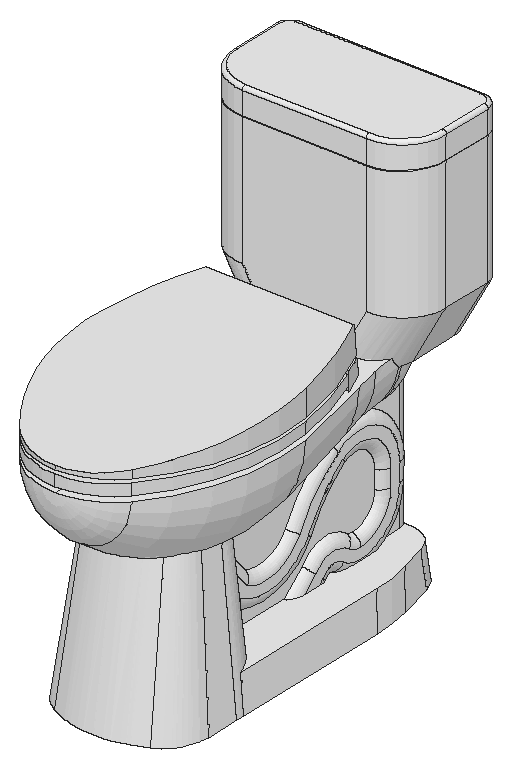
Revit family "Toilet_TOTO_CST244EF", category Plumbing Fixtures, host Face, Revit 2012
Parameters (values of type "#01 Cotton")
  Width = 1' - 2 3/8"  # constant formula
  WaterSense = yes
  Waste Connection Offset from Wall = 1' - 0"  # constant formula
  Waste Connection NPT Radius [instance] = 0' - 1 3/16"
  Waste Connection = yes
  Warranty Document = "http://www.totousa.com/Support/WarrantyInformation.aspx"
  Warranty = "One Year Limited"
  WFU = 0
  Vent Connection = yes
  URL = "http://www.totousa.com"
  Supply Connection Offset from Center = 0' - 6"  # constant formula
  Supply Connection Height Offset = 0' - 8"
  Style = "Elongated Front"
  Spec Sheet URL = "http://assets.totousa.com/product-files/SS-00927_CST244EF.pdf"
  Shipping Weight = 77.00 lbf
  Series = "Entrada"
  Rough in Distance = 1' - 0"
  Product Page URL = "http://www.totousa.com/entrada%E2%84%A2-close-coupled-elongated-toilet-128gpf"
  Parts Manual URL = "http://assets.totousa.com/product-files/PD-00757_CST244EF.pdf"
  Mount Type = "Floor-Mounted"
  Model = "CST244EF"
  Manufacturer Phone - Toll Free = "1-888-295-8134"
  Manufacturer Phone = "(770) 282-8686"
  Manufacturer Fax = "(770) 282-0002"
  Manufacturer Email = "mailto:custservice@totousa.com "
  Manufacturer Address = "1155 Southern Road, Morrow, Georgia 30260"
  Manufacturer = "TOTO USA, Inc."
  Show Lid [instance] = yes
  Lid Material = Plastic - Cotton
  Length = 2' - 4 5/8"  # constant formula
  Keynote = "22 42 13"
  Installation URL = "http://assets.totousa.com/product-files/0GU048Z_TOILET_IM.pdf"
  Industry Standards = "Meets and exceeds ASME A112.19.2/CSA B45.1"
  Height = 2' - 6"  # constant formula
  Handle Material = Polished Chrome
  HWFU = 0
  HW Connection = no
  Gallons Per Flush = 1.3 gal
  Flush System = "E-Max"
  Fixture Material = Vitreous China - TOTO - 01 Cotton
  Description = "Close Coupled Toilet"
  Default Elevation = 0' - 0"
  Cost Info = "mailto:custservice@totousa.com "
  Cold Water Connection NPT Radius = 0' - 0 1/4"
  Code Compliance = "UPC, IPC, NSPC, NPC Canada, and others"
  Certifications = "IAPMO (cUPC)"
  CWFU = 0
  CW Connection = yes
  CAD Drawing URL = "http://assets.totousa.com/product-files/AD-00482_CST244EF.dxf"
  Assembly Code = "D2010110"
  ADA Compliant = yes
Types (3): name | Lid Material | Fixture Material
  (no name) | Plastic - Cotton | Vitreous China - TOTO - 01 Cotton
  #01 Cotton | Plastic - Cotton | Vitreous China - TOTO - 01 Cotton
  #12 Sedona Beige | Plastic - Beige | Vitreous China - TOTO - 12 Sedona Beige
Reference planes (in)
  plane 1 "Center (Front/Back)": y = -0.33612
  plane 2: z = 0
  plane 3 "Center (Left/Right)": x = 0
  plane 4 "Wall Closure": y = 14.72638
  plane 5: y = 13.97638
  plane 6: y = -14.64862
  plane 7: x = -6.98819
  plane 8: x = 6.98819
  plane 9: z = 8
  plane 10: z = 16.125
  plane 11: x = -7.1875
  plane 12: x = 7.1875
  plane 13: z = 30
  plane 14: x = -6
  plane 15: y = 2.72638
  plane 16: z = 28.21963
  plane 17: y = 9.82283
  plane 18: z = 27.04724
  plane 19: y = 4.76544
Forms (in)
  Blend 1, solid, material "Vitreous China - TOTO - 01 Cotton" <- "Fixture Material"
    base sketch origin (0, 0, 0.625) x (1, 0, 0) y (0, 1, 0)
      loop
        line (-4.92076, -5.38911) -> (-4.92076, -7.78824)
        arc (-4.92076, -7.78824) -> (-4.46814, -9.41466) -> (-3.24041, -10.57345) r 3.14844
        arc (-3.24041, -10.57345) -> (0, -11.37518) -> (3.24041, -10.57345) r 6.94933
        arc (3.24041, -10.57345) -> (4.46814, -9.41466) -> (4.92076, -7.78824) r 3.14844
        line (4.92076, -7.78824) -> (4.92076, -5.38911)
        arc (4.92076, -5.38911) -> (4.46814, -3.76269) -> (3.24041, -2.6039) r 3.14844
        arc (3.24041, -2.6039) -> (0, -1.80217) -> (-3.24041, -2.6039) r 6.94933
        arc (-3.24041, -2.6039) -> (-4.46814, -3.76269) -> (-4.92076, -5.38911) r 3.14844
    top sketch origin (0, 0, 0.625) x (1, 0, 0) y (0, 1, 0)
      loop
        arc (2.47224, -3.32285) -> (0, -2.78642) -> (-2.47224, -3.32285) r 5.96507
        arc (-2.47224, -3.32285) -> (-3.3958, -4.12183) -> (-3.74016, -5.29348) r 2.16535
        line (-3.74016, -5.29348) -> (-3.74016, -6.92073)
        arc (-3.74016, -6.92073) -> (-3.46425, -7.97845) -> (-2.70682, -8.76661) r 2.16535
        arc (-2.70682, -8.76661) -> (0, -9.53051) -> (2.70682, -8.76661) r 5.17767
        arc (2.70682, -8.76661) -> (3.46425, -7.97845) -> (3.74016, -6.92073) r 2.16535
        line (3.74016, -6.92073) -> (3.74016, -5.29348)
        arc (3.74016, -5.29348) -> (3.3958, -4.12183) -> (2.47224, -3.32285) r 2.16535
    from -0.625 to 10.55463
  Blend 2, solid, material "Vitreous China - TOTO - 01 Cotton" <- "Fixture Material"
    base sketch origin (0, 0, 0) x (1, 0, 0) y (0, 1, 0)
      loop
        line (-4.90806, -4.76411) -> (4.90806, -4.76411) -> (4.90806, 6.52498)
        arc (4.90806, 6.52498) -> (4.82425, 7.92969) -> (4.57398, 9.31446) r 11.8125
        line (4.57398, 9.31446) -> (3.96105, 11.83661)
        arc (3.96105, 11.83661) -> (3.26694, 12.98922) -> (2.03922, 13.53967) r 2.25
        arc (2.03922, 13.53967) -> (0, 13.65997) -> (-2.03922, 13.53967) r 17.34414
        arc (-2.03922, 13.53967) -> (-3.26694, 12.98922) -> (-3.96105, 11.83661) r 2.25
        line (-3.96105, 11.83661) -> (-4.57398, 9.31446)
        arc (-4.57398, 9.31446) -> (-4.82425, 7.92969) -> (-4.90806, 6.52498) r 11.8125
        line (-4.90806, 6.52498) -> (-4.90806, -4.76411)
    top sketch origin (0, 0, 0) x (1, 0, 0) y (0, 1, 0)
      loop
        line (-4.61876, -4.76411) -> (4.65001, -4.76411) -> (4.65001, 6.79857)
        arc (4.65001, 6.79857) -> (4.56675, 8.19399) -> (4.31813, 9.5696) r 11.73438
        line (4.31813, 9.5696) -> (3.8415, 11.53091)
        arc (3.8415, 11.53091) -> (3.14116, 12.68903) -> (1.90314, 13.23587) r 2.25
        arc (1.90314, 13.23587) -> (0, 13.34107) -> (-1.90314, 13.23587) r 17.26601
        arc (-1.90314, 13.23587) -> (-3.14116, 12.68903) -> (-3.8415, 11.53091) r 2.25
        line (-3.8415, 11.53091) -> (-4.28688, 9.69819)
        arc (-4.28688, 9.69819) -> (-4.5355, 8.32258) -> (-4.61876, 6.92716) r 11.73438
        line (-4.61876, 6.92716) -> (-4.61876, -4.76411)
    from 0 to 2.5
  Extrusion 3, solid, material "Vitreous China - TOTO - 01 Cotton" <- "Fixture Material"
    sketch origin (0, 0, 2.5) x (1, 0, 0) y (0, 1, 0)
      loop
        line (-1.49606, 12.68209) -> (-1.49606, -3.08469)
        arc (-1.49606, -3.08469) -> (-0.00017, -3.00722) -> (1.49606, -3.07786) r 15.1501
        line (1.49606, -3.07786) -> (1.49606, 12.68209)
        arc (1.49606, 12.68209) -> (1.33427, 13.08818) -> (0.93755, 13.27177) r 0.59055
        arc (0.93755, 13.27177) -> (0, 13.29722) -> (-0.93755, 13.27177) r 17.28075
        arc (-0.93755, 13.27177) -> (-1.33427, 13.08818) -> (-1.49606, 12.68209) r 0.59055
    from 0 to 12.80748
  Revolve 4, solid, material "Vitreous China - TOTO - 01 Cotton" <- "Fixture Material"
    sketch origin (-60, -180, 16.125) x (-1, 0, 0) y (0, -1, 0)
      loop
        line (-60, -165.35138) -> (-60, -167.52341)
        arc (-60, -167.52341) -> (-58.91456, -167.82452) -> (-58.01327, -168.50019) r 3.04006
        arc (-58.01327, -168.50019) -> (-55.71723, -172.1962) -> (-54.91561, -176.47284) r 11.80872
        line (-54.91561, -176.47284) -> (-54.91561, -177.53534)
        arc (-54.91561, -177.53534) -> (-56.39747, -181.17447) -> (-60, -182.74323) r 5.20939
        line (-60, -182.74323) -> (-60, -191.97638)
        arc (-60, -191.97638) -> (-58.93006, -191.94211) -> (-57.8645, -191.83944) r 16.71914
        arc (-57.8645, -191.83944) -> (-55.90173, -190.79565) -> (-55.11719, -188.71563) r 3.14961
        line (-55.11719, -188.71563) -> (-55.11719, -188.39648)
        arc (-55.11719, -188.39648) -> (-55.05941, -187.22037) -> (-54.88665, -186.05558) r 12
        arc (-54.88665, -186.05558) -> (-54.67529, -185.07551) -> (-54.43254, -184.10273) r 31.19442
        arc (-54.43254, -184.10273) -> (-53.7142, -181.0747) -> (-53.16459, -178.01153) r 56.19507
        arc (-53.16459, -178.01153) -> (-53.52432, -172.23044) -> (-56.23047, -167.10919) r 13.76465
        arc (-56.23047, -167.10919) -> (-57.92038, -165.81243) -> (-60, -165.35138) r 4.92068
      axis (-60, -191.97638) -> (-60, -165.35138)
    angle from 0 to 180
  Extrusion 5, void
    sketch origin (0, 0, -1.8125) x (0, 1, 0) y (0, 0, 1)
      loop
        line (4.06536, 12.99213) -> (-2.55906, 12.99213) -> (-2.55906, 11.21712) -> (4.06536, 12.99213)
    from -2.16882 to 2.16882
  Sweep 6, solid, material "Vitreous China - TOTO - 01 Cotton" <- "Fixture Material"
    path origin (0, 0, 0.3937) x (0, 1, 0) y (0, 0, 1)
      loop
        line (3.08738, 0.9478) -> (5.10515, 2.70614)
        arc (5.10515, 2.70614) -> (6.226, 3.35427) -> (7.47686, 3.02) r 1.69168
        arc (7.47686, 3.02) -> (8.00686, 2.73205) -> (8.59969, 2.62083) r 1.93954
        arc (8.59969, 2.62083) -> (10.64843, 3.41133) -> (11.51857, 5.42753) r 2.83589
        arc (11.51857, 5.42753) -> (11.52269, 6.04133) -> (11.52296, 6.65515) r 97.70777
        arc (11.52296, 6.65515) -> (9.99883, 9.20363) -> (7.03183, 9.08262) r 2.90585
        arc (7.03183, 9.08262) -> (5.29467, 7.59724) -> (3.99917, 5.71422) r 8.79034
        arc (3.99917, 5.71422) -> (1.61002, 4.01642) -> (-1.29065, 4.43675) r 3.9424
        line (-1.29065, 4.43675) -> (-3.59008, 7.07543)
    profile origin (0, 10.64843, 3.80503) x (0, -0.69312, 0.720822) y (1, 0, 0)
      loop
        arc (-0.47244, 2.04921) -> (-1.02922, 1.81859) -> (-1.25984, 1.26181) r 0.7874
        line (-1.25984, 1.26181) -> (-1.25984, -1.26181)
        arc (-1.25984, -1.26181) -> (-1.02922, -1.81859) -> (-0.47244, -2.04921) r 0.7874
        line (-0.47244, -2.04921) -> (0.27559, -2.04921)
        arc (0.27559, -2.04921) -> (0.83237, -1.81859) -> (1.06299, -1.26181) r 0.7874
        line (1.06299, -1.26181) -> (1.06299, 1.26181)
        arc (1.06299, 1.26181) -> (0.83237, 1.81859) -> (0.27559, 2.04921) r 0.7874
        line (0.27559, 2.04921) -> (-0.47244, 2.04921)
  Blend 7, solid, material "Vitreous China - TOTO - 01 Cotton" <- "Fixture Material"
    base sketch origin (0, 57.30612, 16.53125) x (0, 1, 0) y (-1, 0, 0)
      loop
        line (-43.32974, -4.00009) -> (-43.32974, 4)
        arc (-43.32974, 4) -> (-43.62264, 4.70711) -> (-44.32974, 5) r 1
        line (-44.32974, 5) -> (-47.82974, 5)
        arc (-47.82974, 5) -> (-49.95107, 4.12132) -> (-50.82974, 2) r 3
        line (-50.82974, 2) -> (-50.82974, -2.00009)
        arc (-50.82974, -2.00009) -> (-49.95107, -4.12141) -> (-47.82974, -5.00009) r 3
        line (-47.82974, -5.00009) -> (-44.32974, -5.00009)
        arc (-44.32974, -5.00009) -> (-43.62264, -4.70719) -> (-43.32974, -4.00009) r 1
    top sketch origin (0, 57.30612, 16.53125) x (0, 1, 0) y (-1, 0, 0)
      loop
        line (-47.82974, -7.1875) -> (-44.32974, -7.1875)
        arc (-44.32974, -7.1875) -> (-43.62264, -6.89461) -> (-43.32974, -6.1875) r 1
        line (-43.32974, -6.1875) -> (-43.32974, 6.1875)
        arc (-43.32974, 6.1875) -> (-43.62264, 6.89461) -> (-44.32974, 7.1875) r 1
        line (-44.32974, 7.1875) -> (-47.82974, 7.1875)
        arc (-47.82974, 7.1875) -> (-49.95107, 6.30882) -> (-50.82974, 4.1875) r 3
        line (-50.82974, 4.1875) -> (-50.82974, -4.1875)
        arc (-50.82974, -4.1875) -> (-49.95107, -6.30882) -> (-47.82974, -7.1875) r 3
    from -1.22377 to 2.71875
  Extrusion 8, solid, material "Plastic - Cotton" <- "Lid Material", visible <- "Show Lid"
    sketch origin (0, 59.34845, 19.10296) x (0, 1, 0) y (-1, 0, 0)
      loop
        line (-52.98477, -4) -> (-52.98477, 4.25)
        arc (-52.98477, 4.25) -> (-57.06347, 5.85724) -> (-61.33691, 6.83541) r 29.18543
        arc (-61.33691, 6.83541) -> (-67.11801, 6.47568) -> (-72.23926, 3.76953) r 13.76465
        arc (-72.23926, 3.76953) -> (-73.53602, 2.07962) -> (-73.99707, 0) r 4.92068
        arc (-73.99707, 0) -> (-73.53602, -2.07962) -> (-72.23926, -3.76953) r 4.92068
        arc (-72.23926, -3.76953) -> (-67.11801, -6.47568) -> (-61.33691, -6.83541) r 13.76465
        arc (-61.33691, -6.83541) -> (-57.03473, -5.78916) -> (-52.98477, -4) r 24.98644
    from -1.59185 to 1.14704
  Extrusion 9, solid, material "Plastic - Cotton" <- "Lid Material"
    sketch origin (0, 1.5, 0) x (1, 0, 0) y (0, 1, 0)
      loop
        line (-3.25, 2.86368) -> (-3.25, 3.36368) -> (-3.75, 3.36368) -> (-3.75, 1.89199) -> (-5.49017, 1.89199)
        arc (-5.49017, 1.89199) -> (-6.29088, -0.76621) -> (-6.83541, -3.48847) r 29.18543
        arc (-6.83541, -3.48847) -> (-6.47568, -9.26956) -> (-3.76953, -14.39081) r 13.76465
        arc (-3.76953, -14.39081) -> (-2.07962, -15.68757) -> (0, -16.14862) r 4.92068
        arc (0, -16.14862) -> (2.07962, -15.68757) -> (3.76953, -14.39081) r 4.92068
        arc (3.76953, -14.39081) -> (6.47568, -9.26956) -> (6.83541, -3.48847) r 13.76465
        arc (6.83541, -3.48847) -> (6.26573, -0.75799) -> (5.39526, 1.89199) r 24.98644
        line (5.39526, 1.89199) -> (3.75, 1.89199) -> (3.75, 3.36368) -> (3.25, 3.36368) -> (3.25, 2.86368) -> (-3.25, 2.86368)
      loop
        arc (-3.9375, -4.51132) -> (-3.50522, -7.8102) -> (-2.23756, -10.88632) r 12.80351
        arc (-2.23756, -10.88632) -> (0, -12.08531) -> (2.23756, -10.88632) r 2.68736
        arc (2.23756, -10.88632) -> (3.50522, -7.8102) -> (3.9375, -4.51132) r 12.80351
        spline (3.9375, -4.51132) -> (3.80333, -3.24958) -> (3.40998, -2.07382) -> (2.78423, -1.06417) -> (1.96875, -0.28945) -> (1.0191, 0.19757) -> (0, 0.36368) -> (-1.0191, 0.19757) -> (-1.96875, -0.28945) -> (-2.78423, -1.06417) -> (-3.40998, -2.07382) -> (-3.80333, -3.24958) -> (-3.9375, -4.51132)
    from 16.5 to 17.25
  Extrusion 10, solid, material "Plastic - Cotton" <- "Lid Material", visible <- "Show Lid"
    sketch origin (-60, -178.5, 16.125) x (-1, 0, 0) y (0, -1, 0)
      loop
        line (-56.25, -183.36368) -> (-56.75, -183.36368) -> (-56.75, -182.86368) -> (-63.25, -182.86368) -> (-63.25, -183.36368) -> (-63.75, -183.36368) -> (-63.75, -182.60482) -> (-65.32546, -182.06826)
        arc (-65.32546, -182.06826) -> (-64.94206, -182.97386) -> (-64.52331, -183.86368) r 24.98644
        line (-64.52331, -183.86368) -> (-55.28934, -183.86368)
        arc (-55.28934, -183.86368) -> (-54.90846, -182.95241) -> (-54.55863, -182.02878) r 29.18543
        line (-54.55863, -182.02878) -> (-56.25, -182.60482) -> (-56.25, -183.36368)
    from 0 to 1.18248
  Extrusion 11, void
    sketch origin (0, 1.59843, 0.85296) x (0, 1, 0) y (0, 0, 1)
      loop
        line (3.61893, 15.27204) -> (5.05807, 15.27204) -> (5.05807, 19.80437) -> (-16.24705, 19.80437) -> (-16.24705, 16.93718)
        arc (-16.24705, 16.93718) -> (-6.71679, 18.12326) -> (2.86429, 18.78331) r 174.52514
        line (2.86429, 18.78331) -> (3.61893, 15.27204)
    from -7.1875 to 7.1875
  Extrusion 12, solid, material "Polished Chrome", detail levels fine
    sketch origin (-60, 14.72638, 48) x (-1, 0, 0) y (0, 0, 1)
      loop
        circle (-54, -40) r 0.25
    from 0 to 0.625
  Extrusion 13, void
    sketch origin (0, 0, 0) x (1, 0, 0) y (0, 1, 0)
      loop
        circle (0, 2.72638) r 1.1875
    from 0 to 0.25
  Blend 14, solid, material "Vitreous China - TOTO - 01 Cotton" <- "Fixture Material"
    base sketch origin (-60, -180.07874, 28.30881) x (-1, 0, 0) y (0, -1, 0)
      loop
        line (-66.1875, -194.05512) -> (-53.8125, -194.05512)
        arc (-53.8125, -194.05512) -> (-53.10539, -193.76222) -> (-52.8125, -193.05512) r 1
        line (-52.8125, -193.05512) -> (-52.8125, -189.55512)
        arc (-52.8125, -189.55512) -> (-53.69118, -187.4338) -> (-55.8125, -186.55512) r 3
        line (-55.8125, -186.55512) -> (-64.1875, -186.55512)
        arc (-64.1875, -186.55512) -> (-66.30882, -187.4338) -> (-67.1875, -189.55512) r 3
        line (-67.1875, -189.55512) -> (-67.1875, -193.05512)
        arc (-67.1875, -193.05512) -> (-66.89461, -193.76222) -> (-66.1875, -194.05512) r 1
    top sketch origin (-60, -180.07874, 28.30881) x (-1, 0, 0) y (0, -1, 0)
      loop
        arc (-53.8125, -194.05512) -> (-53.10539, -193.76222) -> (-52.8125, -193.05512) r 1
        line (-52.8125, -193.05512) -> (-52.8125, -189.55512)
        arc (-52.8125, -189.55512) -> (-53.69118, -187.4338) -> (-55.8125, -186.55512) r 3
        line (-55.8125, -186.55512) -> (-64.1875, -186.55512)
        arc (-64.1875, -186.55512) -> (-66.30882, -187.4338) -> (-67.1875, -189.55512) r 3
        line (-67.1875, -189.55512) -> (-67.1875, -193.05512)
        arc (-67.1875, -193.05512) -> (-66.89461, -193.76222) -> (-66.1875, -194.05512) r 1
        line (-66.1875, -194.05512) -> (-53.8125, -194.05512)
    from 1.69119 to -0.08918
  Blend 15, solid, material "Vitreous China - TOTO - 01 Cotton" <- "Fixture Material"
    base sketch origin (-60, -180.07874, 26.79705) x (-1, 0, 0) y (0, -1, 0)
      loop
        line (-66.1875, -194.05512) -> (-53.8125, -194.05512)
        arc (-53.8125, -194.05512) -> (-53.10539, -193.76222) -> (-52.8125, -193.05512) r 1
        line (-52.8125, -193.05512) -> (-52.8125, -189.55512)
        arc (-52.8125, -189.55512) -> (-53.69118, -187.4338) -> (-55.8125, -186.55512) r 3
        line (-55.8125, -186.55512) -> (-64.1875, -186.55512)
        arc (-64.1875, -186.55512) -> (-66.30882, -187.4338) -> (-67.1875, -189.55512) r 3
        line (-67.1875, -189.55512) -> (-67.1875, -193.05512)
        arc (-67.1875, -193.05512) -> (-66.89461, -193.76222) -> (-66.1875, -194.05512) r 1
    top sketch origin (-60, -180.07874, 26.79705) x (-1, 0, 0) y (0, -1, 0)
      loop
        arc (-53.8125, -194.05512) -> (-53.10539, -193.76222) -> (-52.8125, -193.05512) r 1
        line (-52.8125, -193.05512) -> (-52.8125, -189.55512)
        arc (-52.8125, -189.55512) -> (-53.69118, -187.4338) -> (-55.8125, -186.55512) r 3
        line (-55.8125, -186.55512) -> (-64.1875, -186.55512)
        arc (-64.1875, -186.55512) -> (-66.30882, -187.4338) -> (-67.1875, -189.55512) r 3
        line (-67.1875, -189.55512) -> (-67.1875, -193.05512)
        arc (-67.1875, -193.05512) -> (-66.89461, -193.76222) -> (-66.1875, -194.05512) r 1
        line (-66.1875, -194.05512) -> (-53.8125, -194.05512)
    from 1.36008 to -7.54705
  Sweep 16, void
    path in 3D
      loop
        arc (6.1875, 13.97638, 30) -> (6.89461, 13.68348, 30) -> (7.1875, 12.97638, 30) r 1
        line (7.1875, 12.97638, 30) -> (7.1875, 9.47638, 30)
        arc (7.1875, 9.47638, 30) -> (6.30882, 7.35506, 30) -> (4.1875, 6.47638, 30) r 3
        line (4.1875, 6.47638, 30) -> (-4.1875, 6.47638, 30)
        arc (-4.1875, 6.47638, 30) -> (-6.30882, 7.35506, 30) -> (-7.1875, 9.47638, 30) r 3
        line (-7.1875, 9.47638, 30) -> (-7.1875, 12.97638, 30)
        arc (-7.1875, 12.97638, 30) -> (-6.89461, 13.68348, 30) -> (-6.1875, 13.97638, 30) r 1
        line (-6.1875, 13.97638, 30) -> (6.1875, 13.97638, 30)
    profile origin (0, 13.97638, 30) x (0, 1, 0) y (0, 0, 1)
      loop
        line (0, 0) -> (-0.25, 0)
        arc (-0.25, 0) -> (-0.07322, -0.07322) -> (0, -0.25) r 0.25
        line (0, -0.25) -> (0, 0)
  Extrusion 17, solid, material "Polished Chrome" <- "Handle Material"
    sketch origin (0, 0, 0) x (0, 1, 0) y (0, 0, 1)
      loop
        arc (11.17301, 26.54724) -> (11.59276, 27.31893) -> (10.71685, 27.25198) r 0.5
        arc (10.71685, 27.25198) -> (10.34381, 26.88718) -> (9.82837, 26.80623) r 0.85725
        arc (9.82837, 26.80623) -> (9.77247, 26.7723) -> (9.79628, 26.7114) r 0.05081
        arc (9.79628, 26.7114) -> (10.46884, 26.49677) -> (11.17301, 26.54724) r 1.86676
    from -7.84927 to -6.98819
Cuts and joins
  Extrusion 11 cuts Extrusion 8
  Extrusion 11 cuts Extrusion 10
  joined: Extrusion 8, Extrusion 10
  Extrusion 11 cuts Extrusion 9
  Extrusion 13 cuts Blend 2
  Extrusion 5 cuts Extrusion 3
  Extrusion 11 cuts Revolve 4
  joined: Blend 1, Blend 2, Extrusion 3, Revolve 4, Sweep 6, Blend 7, Blend 15
  Sweep 16 cuts Blend 14
Lines and regions (in)
  sketch lines
    curve 1: line (-6.1875, 13.97638, 30) -> (6.1875, 13.97638, 30)
    curve 2: arc (6.1875, 13.97638, 30) -> (6.89461, 13.68348, 30) -> (7.1875, 12.97638, 30) r 1
    curve 3: line (7.1875, 12.97638, 30) -> (7.1875, 9.47638, 30)
    curve 4: arc (7.1875, 9.47638, 30) -> (6.30882, 7.35506, 30) -> (4.1875, 6.47638, 30) r 3
    curve 5: line (4.1875, 6.47638, 30) -> (-4.1875, 6.47638, 30)
    curve 6: arc (-4.1875, 6.47638, 30) -> (-6.30882, 7.35506, 30) -> (-7.1875, 9.47638, 30) r 3
    curve 7: line (-7.1875, 9.47638, 30) -> (-7.1875, 12.97638, 30)
    curve 8: arc (-7.1875, 12.97638, 30) -> (-6.89461, 13.68348, 30) -> (-6.1875, 13.97638, 30) r 1
  symbolic lines, style "PlumbingFixtures"
    curve 9: line (6.1875, 13.97638, 30) -> (-6.1875, 13.97638, 30)
    curve 10: arc (6.1875, 13.97638, 30) -> (6.89461, 13.68348, 30) -> (7.1875, 12.97638, 30) r 1
    curve 11: line (7.1875, 9.47638, 30) -> (7.1875, 12.97638, 30)
    curve 12: arc (7.1875, 9.47638, 30) -> (6.30882, 7.35506, 30) -> (4.1875, 6.47638, 30) r 3
    curve 13: line (-4.1875, 6.47638, 30) -> (4.1875, 6.47638, 30)
    curve 14: arc (-4.1875, 6.47638, 30) -> (-6.30882, 7.35506, 30) -> (-7.1875, 9.47638, 30) r 3
    curve 15: line (-7.1875, 12.97638, 30) -> (-7.1875, 9.47638, 30)
    curve 16: arc (-7.1875, 12.97638, 30) -> (-6.89461, 13.68348, 30) -> (-6.1875, 13.97638, 30) r 1
    curve 17: line (-7.84927, 11.67301, 30) -> (-7.1875, 11.67301, 30)
    curve 18: line (-7.84927, 9.82283, 30) -> (-7.84927, 11.67301, 30)
    curve 19: line (-7.1875, 9.82283, 30) -> (-7.84927, 9.82283, 30)
    curve 20: line (-7.84927, 10.74792, 30) -> (-7.1875, 10.74792, 30)
  symbolic lines, style "PlanLines"
    curve 21: arc (1.47135, -10.9625, 30) -> (3.15326, -8.2035, 30) -> (3.94061, -5.06967, 30) r 10.76465
    curve 22: arc (0, -11.64862, 30) -> (0.81173, -11.46866, 30) -> (1.47135, -10.9625, 30) r 1.92068
    curve 23: arc (-1.47135, -10.9625, 30) -> (-3.15326, -8.2035, 30) -> (-3.94061, -5.06967, 30) r 10.76465
    curve 24: arc (0, -11.64862, 30) -> (-0.81173, -11.46866, 30) -> (-1.47135, -10.9625, 30) r 1.92068
    curve 25: arc (3.94061, -5.06967, 30) -> (4.03813, -3.94293, 30) -> (4.115, -2.81459, 30) r 61.75641
    curve 26: arc (-4.115, -2.81459, 30) -> (-3.95358, -1.33184, 30) -> (-3.61811, 0.12146, 30) r 12.60208
    curve 27: arc (-3.94061, -5.06967, 30) -> (-4.03813, -3.94293, 30) -> (-4.115, -2.81459, 30) r 61.75641
    curve 28: arc (4.115, -2.81459, 30) -> (3.95358, -1.33184, 30) -> (3.61811, 0.12146, 30) r 12.60208
    curve 29: arc (-3.61811, 0.12146, 30) -> (0, 2.82861, 30) -> (3.61811, 0.12146, 30) r 3.77138
    curve 30: arc (-5.01897, 6.5939, 30) -> (-5.0631, 6.32421, 30) -> (-5.11335, 6.05558, 30) r 12
    curve 31: arc (-5.11335, 6.05558, 30) -> (-5.19984, 5.63586, 30) -> (-5.29208, 5.21736, 30) r 31.19442
    curve 32: arc (-5.29208, 5.21736, 30) -> (-5.42464, 4.65878, 30) -> (-5.56746, 4.10273, 30) r 31.19442
    curve 33: arc (-5.56746, 4.10273, 30) -> (-6.2858, 1.0747, 30) -> (-6.83541, -1.98847, 30) r 56.19507
    curve 34: arc (-6.83541, -1.98847, 30) -> (-6.47568, -7.76956, 30) -> (-3.76953, -12.89081, 30) r 13.76465
    curve 35: arc (-3.76953, -12.89081, 30) -> (-2.07962, -14.18757, 30) -> (0, -14.64862, 30) r 4.92068
    curve 36: arc (0, -14.64862, 30) -> (2.07962, -14.18757, 30) -> (3.76953, -12.89081, 30) r 4.92068
    curve 37: arc (3.76953, -12.89081, 30) -> (6.47568, -7.76956, 30) -> (6.83541, -1.98847, 30) r 13.76465
    curve 38: arc (6.83541, -1.98847, 30) -> (6.2858, 1.0747, 30) -> (5.56746, 4.10273, 30) r 56.19507
    curve 39: arc (5.01897, 6.5939, 30) -> (5.0631, 6.32421, 30) -> (5.11335, 6.05558, 30) r 12
    curve 40: arc (5.11335, 6.05558, 30) -> (5.19984, 5.63586, 30) -> (5.29208, 5.21736, 30) r 31.19442
    curve 41: arc (5.29208, 5.21736, 30) -> (5.42464, 4.65878, 30) -> (5.56746, 4.10273, 30) r 31.19442
    curve 42: line (-5.36142, 4.91945, 30) -> (5.36142, 4.91945, 30)
Dimensions and locks (in)
  "Length": plane 5 to plane 6
  equal spacing: plane 5, plane 1 "Center (Front/Back)", plane 6
  locked: plane 7 to plane 8 at 13.97638
  equal spacing: plane 7, plane 3 "Center (Left/Right)", plane 8
  "Supply Connection Height Offset": plane 9 to plane 2
  locked: plane 10 to plane 2 at 16.125
  "Width": plane 11 to plane 12
  equal spacing: plane 11, plane 3 "Center (Left/Right)", plane 12
  "Height": plane 13 to plane 2
  "Supply Connection Offset from Center": plane 3 "Center (Left/Right)" to plane 14
  Extrusion 11 sketch curve to Extrusion 11 sketch curve to Extrusion 11 sketch curve to plane 6 = 0' - 1.43914", 0' - 0.75464", 1' - 7.11134"
  Blend 1 sketch curve to Blend 1 sketch curve to plane 3 "Center (Left/Right)" to Blend 1 sketch curve to Blend 1 sketch curve = 0' - 1.03333" locked, 0' - 2.70682" locked, 0' - 2.70682" locked, 0' - 1.03333" locked
  Blend 1 sketch curve to plane 3 "Center (Left/Right)" to Blend 1 sketch curve = 0' - 2.47224" locked, 0' - 2.47224" locked
  plane 6 to Blend 1 sketch curve to Blend 1 sketch curve to Blend 1 sketch curve to Blend 1 sketch curve = 0' - 5.88201" locked, 0' - 1.84588" locked, 0' - 1.62725" locked, 0' - 1.97063" locked  (x2)
  locked: plane 13 to plane 16 at 1.78037
  locked: Sweep 6 sketch curve to Sweep 6 sketch curve at 0.7874  (x2)
  plane 10 to cut or joined group of Extrusion 8, Extrusion 10, Extrusion 11 = 0' - 1.3861"
  plane 9 to cut or joined group of Extrusion 8, Extrusion 10, Extrusion 11 = 0' - 9.5111"
  cut or joined group of Extrusion 8, Extrusion 10, Extrusion 11 to plane 10 = 0' - 4 1/8"
  cut or joined group of Extrusion 8, Extrusion 10, Extrusion 11 to plane 9 = 1' - 0 1/4"
  Extrusion 5 sketch curve to plane 9 = 0' - 3.17963"
  plane 5 to Extrusion 5 sketch curve = 1' - 4.53543"
  Blend 7 to plane 10 = 0' - 0.81752"
  locked: plane 9 to Blend 7 at 7.30748
  locked: Extrusion 12 sketch curve to plane 14 at 0
  locked: Extrusion 12 sketch curve to plane 9 at 0
  Extrusion 12 to plane 4 "Wall Closure" = 0' - 0 5/8"
  locked: Extrusion 12 to plane 5 at 1.375
  locked: plane 13 to plane 18 at 2.95276
  locked: plane 2 to Extrusion 13 at 0.25
  locked: Extrusion 13 to plane 9 at 7.75
  plane 4 "Wall Closure" to plane 5 = 0' - 0 3/4"
  locked: Extrusion 13 to plane 2 at 0.25
  locked: plane 9 to Extrusion 13 at 7.75
  plane 9 to cut or joined group 1 (Blend 1, Blend 2, Extrusion 3, Revolve 4, Extrusion 5, Sweep 6, Blend 7, Extrusion 11, Extrusion 13, Blend 15) = 0' - 5 1/2"
  locked: plane 10 to cut or joined group 1 at 13.625
  Extrusion 3 sketch curve to Extrusion 3 sketch curve to plane 3 "Center (Left/Right)" to Extrusion 3 sketch curve to Extrusion 3 sketch curve = 0' - 0.55851" locked, 0' - 0.93755" locked, 0' - 0.93755" locked, 0' - 0.55851" locked
  plane 5 to Extrusion 3 sketch curve to Extrusion 3 sketch curve to Extrusion 3 sketch curve = 0' - 0.70461" locked, 0' - 0.58968" locked, 1' - 3.76678"
  plane 5 to Extrusion 3 sketch curve to Extrusion 3 sketch curve to Extrusion 3 sketch curve = 0' - 0.70461" locked, 0' - 0.58968" locked, 1' - 3.75994"
  Revolve 4 sketch curve to Revolve 4 sketch curve to Revolve 4 sketch curve to Revolve 4 sketch curve to Revolve 4 sketch curve to Revolve 4 sketch curve to Revolve 4 sketch curve = 0' - 1.26795" locked, 0' - 0.45411" locked, 0' - 0.23054" locked, 0' - 1 29/256" locked, 0' - 1.63403" locked, 0' - 2.1355" locked
  Revolve 4 sketch curve to Revolve 4 sketch curve to Revolve 4 sketch curve = 0' - 3 25/256" locked, 0' - 1.98673"
  plane 6 to Revolve 4 sketch curve to Revolve 4 sketch curve to Revolve 4 sketch curve to Revolve 4 sketch curve to Revolve 4 sketch curve to Revolve 4 sketch curve to Revolve 4 sketch curve to Revolve 4 sketch curve = 0' - 1 97/128" locked, 0' - 10 231/256" locked, 0' - 6.0912" locked, 0' - 1.95285" locked, 0' - 2.3409" locked, 0' - 0.31915", 0' - 3.12381" locked, 0' - 0.13694" locked
  Extrusion 10 sketch curve to Extrusion 10 sketch curve to plane 3 "Center (Left/Right)" to Extrusion 10 sketch curve to Extrusion 10 sketch curve = 0' - 0 1/2" locked, 0' - 3 1/4" locked, 0' - 3 1/4" locked, 0' - 0 1/2" locked
  plane 10 to cut or joined group 1 = 0' - 4.94537"
  plane 18 to cut or joined group 1 = 1' - 3.86762"
  plane 6 to Blend 1 sketch curve to Blend 1 sketch curve to Blend 1 sketch curve to Blend 1 sketch curve = 0' - 4.07517" locked, 0' - 2.78521" locked, 0' - 2.39914" locked, 0' - 2.78521" locked  (x2)
  Blend 1 sketch curve to Blend 1 sketch curve to plane 3 "Center (Left/Right)" to Blend 1 sketch curve to Blend 1 sketch curve = 0' - 1.68035" locked, 0' - 3.24041" locked, 0' - 3.24041" locked, 0' - 1.68035" locked
  Blend 1 sketch curve to plane 3 "Center (Left/Right)" to Blend 1 sketch curve = 0' - 3.24041" locked, 0' - 3.24041" locked
  plane 5 to Blend 2 sketch curve to Blend 2 sketch curve to Blend 2 sketch curve to Blend 2 sketch curve to Blend 2 sketch curve = 0' - 0.4367" locked, 0' - 1.70307" locked, 0' - 2.52215" locked, 0' - 2.78948" locked, 0' - 11.28909" locked
  Blend 2 sketch curve to Blend 2 sketch curve to Blend 2 sketch curve to Blend 2 sketch curve to Blend 2 sketch curve = 0' - 11.28909" locked, 0' - 2.78948" locked, 0' - 2.52215" locked, 0' - 1.70307" locked
  Blend 2 sketch curve to Blend 2 sketch curve to Blend 2 sketch curve to Blend 2 sketch curve to plane 3 "Center (Left/Right)" to Blend 2 sketch curve to Blend 2 sketch curve to Blend 2 sketch curve to Blend 2 sketch curve = 0' - 0.33409" locked, 0' - 0.61293" locked, 0' - 1.92182" locked, 0' - 2.03922" locked, 0' - 2.03922" locked, 0' - 1.92182" locked, 0' - 0.61293" locked, 0' - 0.33409" locked
  plane 5 to Blend 2 sketch curve to Blend 2 sketch curve to Blend 2 sketch curve to Blend 2 sketch curve to Blend 2 sketch curve = 0' - 0.74051" locked, 0' - 1.70496" locked, 0' - 1.83272", 0' - 2.77103" locked, 0' - 11.69127"
  Blend 2 sketch curve to Blend 2 sketch curve to Blend 2 sketch curve to Blend 2 sketch curve to Blend 2 sketch curve = 0' - 11.56268", 0' - 2.77103" locked, 0' - 1.96131", 0' - 1.70496" locked
  Blend 2 sketch curve to Blend 2 sketch curve to Blend 2 sketch curve to Blend 2 sketch curve to plane 3 "Center (Left/Right)" to Blend 2 sketch curve to Blend 2 sketch curve to Blend 2 sketch curve to Blend 2 sketch curve = 0' - 0.33188" locked, 0' - 0.44539", 0' - 1.93836" locked, 0' - 1.90314" locked, 0' - 1.90314" locked, 0' - 1.93836" locked, 0' - 0.47664", 0' - 0.33188" locked
  locked: plane 16 to Blend 15 at 0.0625
  locked: plane 4 "Wall Closure" to plane 5 at 0.75
  plane 4 "Wall Closure" to plane 15 = 1' - 0"
  radius of Blend 1 sketch curve = 0' - 5.96507"
  radius of Blend 1 sketch curve = 0' - 5.17767"
  "Cold Water Connection NPT Radius": radius of Extrusion 12 sketch curve
  radius of Blend 2 sketch curve = 1' - 5.34414"
  radius of Blend 2 sketch curve = 1' - 5.26601"
  radius of Blend 1 sketch curve = 0' - 6.94933"  (x2)
  radius of Extrusion 3 sketch curve = 1' - 3.1501"
  radius of Extrusion 3 sketch curve = 1' - 5.28075"
  locked: Revolve 4 to Revolve 4 (angle 180.00°)
  aligned and locked: plane 2 to host face
  aligned and locked: level to host face
  aligned and locked: Revolve 4 sketch curve to Revolve 4 sketch curve  (x2)
  aligned: plane 16 to Blend 7
  aligned and locked: Extrusion 10 to plane 10
  aligned: Extrusion 9 to plane 10
  aligned: cut or joined group of Extrusion 9, Extrusion 11 to cut or joined group of Extrusion 8, Extrusion 10, Extrusion 11  (x3)
  aligned and locked: Revolve 4 sketch curve to plane 3 "Center (Left/Right)"
  aligned and locked: Extrusion 12 to plane 4 "Wall Closure"
  aligned: plane 2 to Extrusion 13
  aligned: Extrusion 13 to plane 2
  aligned: cut or joined group 1 to plane 2  (x2)
  aligned: cut or joined group of Extrusion 9, Extrusion 11 to plane 10  (x2)
  aligned and locked: Extrusion 13 to plane 2
  aligned and locked: cut or joined group 1 to cut or joined group 1
  aligned and locked: Blend 14 sketch curve to var sketch  (x4)
  aligned and locked: Blend 15 sketch curve to var sketch  (x4)
  aligned and locked: Blend 7 sketch curve to Blend 15  (x4)
  aligned and locked: Blend 15 to Blend 7
  aligned and locked: Extrusion 17 to plane 7
Automatic sketch dimensions
  host sketch curve to host sketch curve = 8' - 0"  (x2)
  Blend 2 sketch curve to plane 3 "Center (Left/Right)" = 0' - 0"  (x2)
  Blend 2 sketch curve to Blend 2 sketch curve = 0' - 0"  (x2)
  plane 6 to Revolve 4 sketch curve = 0' - 0"
  plane 3 "Center (Left/Right)" to Revolve 4 sketch curve = 0' - 0 1/8"
  plane 3 "Center (Left/Right)" to Revolve 4 sketch curve = 0' - 0.25586"
  Revolve 4 sketch curve to plane 8 = 0' - 0.26386"
  Revolve 4 sketch curve to plane 8 = 0' - 0.21319"
  Revolve 4 sketch curve to plane 6 = 0' - 4.27117"
  Revolve 4 sketch curve to Revolve 4 sketch curve = 3' - 5.95496"
  Revolve 4 sketch curve to Revolve 4 sketch curve = 0' - 0"
  plane 15 to Revolve 4 sketch curve = 0' - 0.01685"
  Revolve 4 sketch curve to Revolve 4 sketch curve = 0' - 1 1/16"
  Revolve 4 sketch curve to Revolve 4 sketch curve = 0' - 0.45297"
  Revolve 4 sketch curve to Revolve 4 sketch curve = 0' - 0 3/8"
  Extrusion 5 sketch curve to plane 19 = 0' - 0.70008"
  plane 9 to Extrusion 5 sketch curve = 0' - 1.40462"
  Sweep 6 sketch curve to plane 9 = 0' - 1.21527"
  plane 6 to Sweep 6 sketch curve = 5' - 11.53583"
  Sweep 6 sketch curve to plane 9 = 0' - 0.53087"
  plane 1 "Center (Front/Back)" to Sweep 6 sketch curve = 0' - 3.25396"
  plane 1 "Center (Front/Back)" to Sweep 6 sketch curve = 0' - 0.95453"
  plane 9 to Sweep 6 sketch curve = 0' - 0.24236"
  Sweep 6 sketch curve to plane 1 "Center (Front/Back)" = 0' - 1.02067"
  plane 15 to Sweep 6 sketch curve = 0' - 0.361"
  Sweep 6 sketch curve to plane 19 = 0' - 0.76627"
  plane 19 to Sweep 6 sketch curve = 0' - 0.33971"
  plane 19 to Sweep 6 sketch curve = 0' - 1.6825"
  plane 9 to Sweep 6 sketch curve = 0' - 1.47632"
  plane 19 to Sweep 6 sketch curve = 0' - 2.26639"
  Sweep 6 sketch curve to Sweep 6 sketch curve = 0' - 0"  (x5)
  Sweep 6 sketch curve to Sweep 6 sketch curve = 0' - 1.02892"
  Sweep 6 sketch curve to Sweep 6 sketch curve = 0' - 1.12282"
  Sweep 6 sketch curve to plane 9 = 0' - 0.95901"
  Sweep 6 sketch curve to Sweep 6 sketch curve = 0' - 1.58529"
  Sweep 6 sketch curve to plane 17 = 0' - 1.16629"
  Sweep 6 sketch curve to Sweep 6 sketch curve = 0' - 0.02628"
  Sweep 6 sketch curve to Sweep 6 sketch curve = 0' - 0.00439"
  plane 17 to Sweep 6 sketch curve = 0' - 2.00458"
  level to Sweep 6 sketch curve = 0' - 1.3415"
  profile plane to Sweep 6 sketch curve = 0' - 1.25984"
  profile plane to Sweep 6 sketch curve = 0' - 0.47244"  (x2)
  Sweep 6 sketch curve to profile plane = 0' - 0.27559"
  Sweep 6 sketch curve to plane 3 "Center (Left/Right)" = 0' - 2.04921"
  plane 3 "Center (Left/Right)" to Sweep 6 sketch curve = 0' - 1.26181"
  Blend 7 sketch curve to plane 5 = 0' - 0"
  Blend 7 sketch curve to plane 5 = 0' - 1"  (x2)
  Blend 7 sketch curve to plane 17 = 0' - 0.34646"  (x2)
  plane 19 to Blend 7 sketch curve = 0' - 1 91/128"
  Blend 7 sketch curve to plane 8 = 0' - 1.9881"
  Blend 7 sketch curve to plane 3 "Center (Left/Right)" = 0' - 2"
  Extrusion 9 sketch curve to plane 3 "Center (Left/Right)" = 0' - 0"  (x3)
  plane 6 to Extrusion 9 sketch curve = 0' - 0"
  Extrusion 9 sketch curve to plane 3 "Center (Left/Right)" = 0' - 2.23756"
  plane 19 to Extrusion 9 sketch curve = 0' - 0.09824"  (x2)
  Extrusion 9 sketch curve to Extrusion 9 sketch curve = 0' - 0 1/2"  (x2)
  Extrusion 9 sketch curve to plane 14 = 0' - 2 59/256"
  Extrusion 9 sketch curve to Extrusion 9 sketch curve = 0' - 0"  (x4)
  Extrusion 9 sketch curve to plane 14 = 0' - 2 1/16"
  Extrusion 9 sketch curve to plane 14 = 0' - 0.50983"
  Extrusion 9 sketch curve to plane 7 = 0' - 0.21319"
  Extrusion 9 sketch curve to plane 7 = 0' - 0.15278"
  plane 11 to Extrusion 9 sketch curve = 0' - 1.67851"
  plane 3 "Center (Left/Right)" to Extrusion 9 sketch curve = 0' - 2.23756"
  Extrusion 9 sketch curve to plane 19 = 0' - 0.40176"
  Extrusion 9 sketch curve to Extrusion 9 sketch curve = 0' - 1.53197"
  Extrusion 9 sketch curve to plane 8 = 0' - 0.21319"
  Extrusion 9 sketch curve to Extrusion 9 sketch curve = 0' - 0.34162"
  Extrusion 9 sketch curve to Extrusion 9 sketch curve = 0' - 1.82999"
  Extrusion 9 sketch curve to Extrusion 9 sketch curve = 0' - 0.01163"
  plane 15 to Extrusion 10 sketch curve = 0' - 0.84188"
  Extrusion 10 sketch curve to plane 8 = 0' - 1.66273"
  Extrusion 10 sketch curve to plane 14 = 0' - 0.55863"
  Extrusion 10 sketch curve to plane 19 = 0' - 0.66062"  (x2)
  Extrusion 10 sketch curve to plane 19 = 0' - 0.40176"
  plane 19 to Extrusion 10 sketch curve = 0' - 0.09824"  (x2)
  Extrusion 10 sketch curve to Extrusion 10 sketch curve = 0' - 0 1/2"
  Extrusion 11 sketch curve to plane 6 = 0' - 0"
  Extrusion 11 sketch curve to plane 10 = 0' - 0"
  plane 17 to Extrusion 11 sketch curve = 0' - 1.83957"
  Extrusion 11 sketch curve to level = 12' - 10.74031"
  plane 10 to Extrusion 11 sketch curve = 0' - 1.66514"
  Extrusion 11 sketch curve to Extrusion 11 sketch curve = 0' - 1.02107"
  curve 21 to curve 37 = 0' - 0"  (x2)
  curve 22 to curve 24 = 0' - 0"
  curve 22 to curve 35 = 0' - 0"  (x2)
  curve 22 to curve 36 = 0' - 0"
  curve 31 to curve 32 = 0' - 0"  (x2)
  curve 40 to curve 41 = 0' - 0"  (x2)
  curve 11 to plane 12 = 0' - 0"
  curve 10 to plane 5 = 0' - 0"
  curve 24 to plane 3 "Center (Left/Right)" = 0' - 0"
  curve 29 to plane 3 "Center (Left/Right)" = 0' - 0"
  curve 17 to plane 11 = 0' - 0"
  curve 18 to plane 17 = 0' - 0"
  plane 12 to curve 26 = 0' - 1.28432"
  curve 39 to plane 17 = 0' - 1.42636"
  plane 12 to curve 39 = 0' - 9 89/128"
  curve 41 to plane 5 = 0' - 1.83556"
  curve 41 to curve 39 = 1' - 6.82566"
  curve 33 to plane 6 = 0' - 4.27117"
  curve 33 to curve 40 = 1' - 1.02149"
  curve 27 to plane 1 "Center (Front/Back)" = 0' - 1.1547"
  curve 27 to curve 33 = 0' - 8.80449"
  curve 38 to plane 8 = 0' - 0.15278"
  curve 37 to curve 38 = 0' - 0"
  curve 23 to plane 8 = 0' - 0.21319"
  curve 10 to plane 8 = 0' - 0.80069"
  curve 41 to plane 8 = 0' - 1.42073"
  curve 38 to curve 41 = 0' - 0"
  plane 19 to curve 41 = 0' - 0.45191"
  curve 41 to curve 41 = 0' - 0.27538"
  curve 39 to curve 40 = 0' - 0"
  curve 39 to curve 39 = 0' - 0.09438"
  curve 39 to curve 13 = 0' - 0.83147"
  curve 38 to curve 28 = 0' - 2.72041"
  curve 28 to curve 25 = 0' - 0.17439"
  curve 21 to curve 25 = 0' - 0"
  curve 36 to plane 6 = 0' - 1 97/128"
  plane 3 "Center (Left/Right)" to curve 36 = 0' - 3 197/256"
  curve 37 to curve 36 = 0' - 0"
  curve 28 to plane 1 "Center (Front/Back)" = 0' - 0.45758"
  curve 25 to curve 28 = 0' - 0.49688"
  curve 29 to curve 28 = 0' - 0"
  curve 21 to curve 24 = 0' - 1.47135"
  curve 22 to curve 21 = 0' - 0"
  curve 23 to plane 3 "Center (Left/Right)" = 0' - 1.47135"
  curve 24 to curve 23 = 0' - 0"
  curve 26 to plane 1 "Center (Front/Back)" = 0' - 0.45758"
  curve 26 to plane 14 = 0' - 2.38189"
  curve 34 to curve 35 = 0' - 0"
  curve 27 to curve 23 = 0' - 0"
  curve 27 to curve 27 = 0' - 0.17439"
  curve 13 to plane 14 = 0' - 1 13/16"
  curve 14 to curve 30 = 0' - 0.83147"
  curve 30 to curve 31 = 0' - 0.09438"
  curve 30 to curve 31 = 0' - 0"
  plane 19 to curve 32 = 0' - 0.45191"
  curve 30 to curve 32 = 0' - 0.17872"
  curve 33 to plane 14 = 0' - 0.43254"
  curve 32 to curve 33 = 0' - 0"
  plane 14 to curve 16 = 0' - 0 3/16"
  plane 11 to curve 17 = 0' - 0.66177"
  curve 21 to curve 28 = 0' - 1.69682"
  curve 15 to curve 18 = 0' - 1.30337"
  curve 20 to curve 19 = 0' - 0.92509"
  Extrusion 13 sketch curve to plane 3 "Center (Left/Right)" = 0' - 0"
  Extrusion 13 sketch curve to plane 15 = 0' - 0"
  Blend 14 sketch curve to plane 12 = 0' - 0"
  Blend 14 sketch curve to plane 5 = 0' - 0"
  Blend 14 sketch curve to plane 11 = 0' - 0"
  Blend 14 sketch curve to plane 8 = 0' - 0.80069"
  Blend 14 sketch curve to plane 17 = 0' - 0.34646"  (x2)
  Blend 14 sketch curve to plane 8 = 0' - 2.80069"
  plane 14 to Blend 14 sketch curve = 0' - 0 3/16"
  Blend 15 sketch curve to plane 12 = 0' - 0"
  Blend 15 sketch curve to plane 5 = 0' - 0"
  Blend 15 sketch curve to plane 11 = 0' - 0"
  Blend 15 sketch curve to plane 8 = 0' - 0.80069"
  Blend 15 sketch curve to plane 17 = 0' - 0.34646"  (x2)
  Blend 15 sketch curve to plane 8 = 0' - 2.80069"
  plane 14 to Blend 15 sketch curve = 0' - 0 3/16"
  Sweep 16 sketch curve to profile plane = 0' - 0"  (x2)
  profile plane to Sweep 16 sketch curve = 0' - 0 1/4"
  Extrusion 17 sketch curve to plane 18 = 0' - 0"
  Extrusion 17 sketch curve to plane 17 = 0' - 0.02655"
  Extrusion 17 sketch curve to Extrusion 17 sketch curve = 0' - 0"  (x2)
  Extrusion 17 sketch curve to plane 17 = 0' - 0.00223"
  plane 17 to Extrusion 17 sketch curve = 0' - 0.00554"
  plane 17 to Extrusion 17 sketch curve = 0' - 0.13656"
  plane 16 to Extrusion 17 sketch curve = 0' - 0.13076"
  plane 17 to Extrusion 17 sketch curve = 0' - 0.86703"
  plane 18 to Extrusion 17 sketch curve = 0' - 0.20474"
  Extrusion 17 sketch curve to Extrusion 17 sketch curve = 0' - 0.75745"
  curve 23 to curve 34 = 0' - 0"  (x2)
  curve 34 to curve 33 = 0' - 0"
  plane 6 to curve 35 = 0' - 0"
  plane 19 to curve 42 = 0' - 0.15401"
  Extrusion 8 sketch curve to Extrusion 8 sketch curve = 0' - 0"  (x5)
  Extrusion 8 sketch curve to plane 3 "Center (Left/Right)" = 0' - 0"
  plane 6 to Extrusion 8 sketch curve = 0' - 0"
  Extrusion 8 sketch curve to plane 6 = 0' - 1 97/128"  (x2)
  plane 1 "Center (Front/Back)" to Extrusion 8 sketch curve = 0' - 6.00924"
  plane 1 "Center (Front/Back)" to Extrusion 8 sketch curve = 0' - 5.3824"
  Extrusion 8 sketch curve to plane 7 = 0' - 0.21319"
  Extrusion 8 sketch curve to plane 8 = 0' - 0.21319"
  plane 1 "Center (Front/Back)" to Extrusion 8 sketch curve = 0' - 1 167/256"  (x2)
  Extrusion 8 sketch curve to plane 7 = 0' - 0.15278"
  plane 19 to Extrusion 8 sketch curve = 0' - 1.59824"
  plane 1 "Center (Front/Back)" to Extrusion 10 sketch curve = 0' - 6.00924"
  Extrusion 10 sketch curve to Extrusion 10 sketch curve = 0' - 0.77331"
  plane 1 "Center (Front/Back)" to Extrusion 10 sketch curve = 0' - 5.3824"
  plane 12 to Extrusion 10 sketch curve = 1' - 2.83549"
  Extrusion 10 sketch curve to Extrusion 10 sketch curve = 0' - 0.96066"
  plane 15 to Extrusion 9 sketch curve = 0' - 0.66561"  (x2)
  Extrusion 9 sketch curve to plane 8 = 0' - 1.59293"
  Extrusion 9 sketch curve to plane 8 = 0' - 0.15278"
  Extrusion 9 sketch curve to Extrusion 9 sketch curve = 0' - 1 97/128"
  plane 1 "Center (Front/Back)" to Extrusion 9 sketch curve = 0' - 5.3824"
  Extrusion 9 sketch curve to Extrusion 9 sketch curve = 0' - 1.64526"
  Extrusion 9 sketch curve to Extrusion 9 sketch curve = 0' - 1.74017"
  radius of Extrusion 13 sketch curve = 0' - 1 3/16"
Connectors (in)
  piping at (-6, 14.72638, 8), driven by "CWFU", driven by "Cold Water Connection NPT Radius"
    settings: on Extrusion 12, index 1, connector radius 1/4", flow factor 0, pipe flow 0 GPM, pressure drop 0.00 psi, fitting loss kfactor 0, connector angle 0.00°, fixture units 0, engagement length 0' - 0", flow configuration 3, flow direction 1, fitting loss method 4, system type 20, joint type 0, gender type 0, connector reference index -1, connector utility 0, adjustable connector no, is connector primary yes, fitting loss table "", connector description "Cold Water Inlet Connection"
  piping at (0, 2.72638, 0), driven by "WFU", driven by "Waste Connection", driven by "Waste Connection NPT Radius"
    settings: on Extrusion 13, index 2, connector radius 1 3/16", flow factor 0, pipe flow 0 GPM, pressure drop 0.00 psi, fitting loss kfactor 0, connector angle 0.00°, fixture units 0, engagement length 0' - 0", flow configuration 3, flow direction 2, fitting loss method 0, system type 16, joint type 0, gender type 0, connector reference index -1, connector utility 0, adjustable connector yes, is connector primary no, fitting loss table "", connector description "Waste Outlet Connection"
